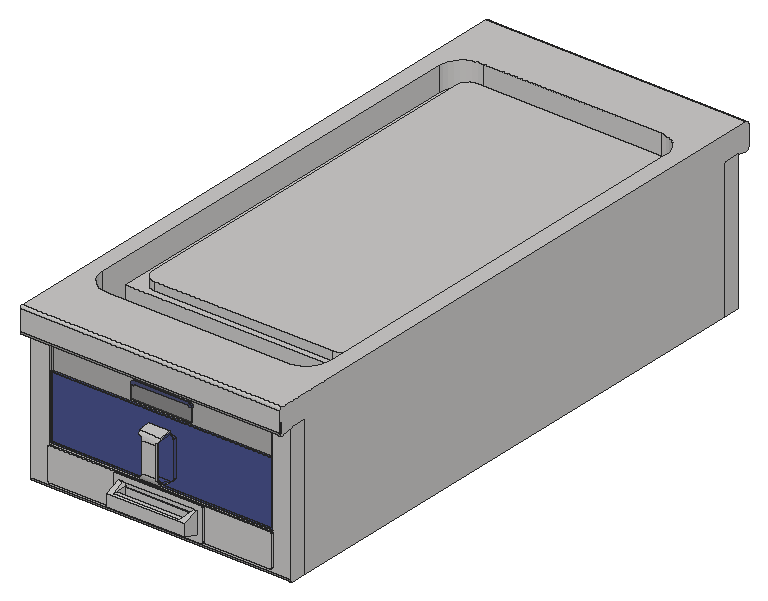
Revit family "QF_ELECTROLUXPROFESSIONAL_589088_MCHMAADOAO", category Specialty Equipment, Revit 2018
Family settings
  Round Connector Dimension = Use Diameter
  Part Type = Normal
  Work Plane-Based = No
  Always vertical = Yes
  Cut with Voids When Loaded = No
  Shared = No
  Room Calculation Point = No
Parameters
  Weight in Pounds = 152.1
  Watts = 5100 VA  # 5100 W
  Volts = 400 V  # constant formula
  URL Cutsheet = ""
  Type Mark [instance] = ""
  Status [instance] = ""
  Specification by User [instance] = ""
  Specification by Manufacturer = ""
  Show Clearance [instance] = yes
  Serial Number = ""
  Seismic Rating = ""
  SMACNA No = ""
  Revision Code [instance] = ""
  Phase = 3  # constant formula
  Omniclass Number and Title = ""
  Number of Poles [instance] = 1
  NAFEM Spec ID Number = ""
  Model = "589088"
  Min Ckt Ampacity = 0 A
  Max Overcurrent Protection = 0 A
  Masterspec = ""
  Manufacturer = "ELECTROLUX"
  Item Number [instance] = ""
  Installed By [instance] = ""
  Identify Quantity as Lot [instance] = yes
  HP = "6.8 HP"
  Furnished By [instance] = ""
  Foodservice Equipment Identifier [instance] = yes
  FL Amps [instance] = if(Phase = 3, Watts / (Volts * 1.73), Watts / Volts)  # 7.36994 A
  Electrical Remarks = "400 V/3N ph/50/60 Hz"  # constant formula
  Electric Connection Type [instance] = ""
  Elec Conn RI Height [instance] = 0 mm
  Elec Conn Connection Height [instance] = 0 mm
  Direct Waste Size = 0"
  Description = "EL.FRYTOP,SMOOTH PL,1-SIDE,400X900X250H"
  Cycle [instance] = if([60 Hertz Option], 60 Hz, 50 Hz)  # 60 Hz
  Conn Plug = ""
  Conn Conduit = yes
  CSI MasterFormat = ""
  CSI Master Format = ""
  Back Panel [instance] = yes
  Apparent Power [instance] = if(Phase = 3, Volts * FL Amps * 1.73, Volts * FL Amps)  # 5100 VA
  60 Hertz Option [instance] = not([50 Hertz Option])  # yes
  50 Hertz Option [instance] = no
Reference planes
  plane 1 "BACK": y = 0
  plane 2: z = 0
  plane 3 "LEFT": x = 0
  plane 4 "RIGHT": x = 400
  plane 5 "FRONT": y = -900
  plane 6 "TOP": z = 250
  plane 7: x = 200
  plane 8: y = -450
  plane 9: y = -1330
Forms (mm)
  Extrusion 1, solid, material "QF_Finishes_Stainless Steel"
    sketch origin (0, -487.128, 0) x (0, 1, 0) y (0, 0, 1)
      loop
        line (483.128, 250) -> (-408.872, 250)
        arc (-408.872, 250) -> (-411.7, 248.828) -> (-412.872, 246) r 4
        line (-412.872, 246) -> (-412.872, 214)
        arc (-412.872, 214) -> (-411.443, 210.936) -> (-408.177, 210.061) r 4
        line (-408.177, 210.061) -> (-391.509, 213) -> (-366.872, 213) -> (-366.872, 0) -> (441.128, 0) -> (441.128, 213) -> (465.765, 213) -> (482.433, 210.061)
        arc (482.433, 210.061) -> (485.699, 210.936) -> (487.128, 214) r 4
        line (487.128, 214) -> (487.128, 246)
        arc (487.128, 246) -> (485.956, 248.828) -> (483.128, 250) r 4
    from 0 to 400
  Extrusion 2, solid, material "QF_Finishes_Stainless Steel", visible <- "Back Panel"
    sketch origin (0, 0, 0) x (0, 1, 0) y (0, 0, 1)
      loop
        line (-46, 0) -> (-20, 0) -> (-20, 213) -> (-46, 213) -> (-46, 0)
    from 0 to 400
  Extrusion 3, void
    sketch origin (653.786, 44.048, 250) x (1, 0, 0) y (0, -1, 0)
      loop
        line (-590.636, 133.048) -> (-316.936, 133.048)
        arc (-316.936, 133.048) -> (-289.96, 144.222) -> (-278.786, 171.198) r 38.15
        line (-278.786, 171.198) -> (-278.786, 816.572)
        arc (-278.786, 816.572) -> (-290.056, 843.779) -> (-317.263, 855.048) r 38.476
        line (-317.263, 855.048) -> (-591.786, 855.048)
        arc (-591.786, 855.048) -> (-617.949, 844.211) -> (-628.786, 818.048) r 37
        line (-628.786, 818.048) -> (-628.786, 171.198)
        arc (-628.786, 171.198) -> (-617.613, 144.222) -> (-590.636, 133.048) r 38.15
    from 0 to 37
  Extrusion 4, void
    sketch origin (1307.573, 92.096, 213) x (0, 1, 0) y (1, 0, 0)
      loop
        line (-821.846, -932.573) -> (-864.62, -932.573)
        arc (-864.62, -932.573) -> (-891.827, -943.842) -> (-903.096, -971.049) r 38.476
        line (-903.096, -971.049) -> (-903.096, -1245.573)
        arc (-903.096, -1245.573) -> (-892.259, -1271.736) -> (-866.096, -1282.573) r 37
        line (-866.096, -1282.573) -> (-821.846, -1282.573) -> (-821.846, -932.573)
    from 0 to 25.6
  Extrusion 5, void
    sketch origin (1307.573, 92.096, 187.4) x (-1, 0, 0) y (0, 1, 0)
      loop
        circle (1212.573, -862.096) r 22.248
    from 0 to 92
  Extrusion 6, solid, material "QF_Finishes_Stainless Steel"
    sketch origin (0, -854, 0) x (1, 0, 0) y (0, -1, 0)
      loop
        circle (355, -169) r 6.35
    from 0 to 3.2
  Extrusion 7, solid, material "QF_Door-Drawer Clearances", visible <- "Show Clearance", detail levels coarse
    sketch origin (237.31, -881.593, 8.62) x (0, 0, 1) y (-1, 0, 0)
      loop
        line (1.973, -134.295) -> (49.317, -134.295)
        arc (49.317, -134.295) -> (50.776, -133.691) -> (51.38, -132.232) r 2.063
        line (51.38, -132.232) -> (51.38, 206.852)
        arc (51.38, 206.852) -> (50.88, 208.549) -> (49.541, 209.705) r 3.133
        line (49.541, 209.705) -> (3.067, 209.705)
        arc (3.067, 209.705) -> (0.898, 208.807) -> (0, 206.638) r 3.067
        line (0, 206.638) -> (0, -132.322)
        arc (0, -132.322) -> (0.578, -133.717) -> (1.973, -134.295) r 1.973
    from 0 to 448.407
  Extrusion 8, solid, material "QF_Finishes_Stainless Steel"
    sketch origin (653.786, 44.048, 213) x (1, 0, 0) y (0, 1, 0)
      loop
        line (-608.786, -161.361) -> (-608.786, -745.485)
        arc (-608.786, -745.485) -> (-603.47, -758.319) -> (-590.636, -763.635) r 18.15
        line (-590.636, -763.635) -> (-316.936, -763.635)
        arc (-316.936, -763.635) -> (-304.102, -758.319) -> (-298.786, -745.485) r 18.15
        line (-298.786, -745.485) -> (-298.786, -161.361)
        arc (-298.786, -161.361) -> (-304.102, -148.527) -> (-316.936, -143.211) r 18.15
        line (-316.936, -143.211) -> (-590.636, -143.211)
        arc (-590.636, -143.211) -> (-603.47, -148.527) -> (-608.786, -161.361) r 18.15
    from 0 to 13.3
Cuts and joins
  Extrusion 3, Extrusion 4, Extrusion 5 cuts Extrusion 1
Lines and regions (mm)
  symbolic lines
    curve 1: line (183.666, -902.326, 0) -> (183.666, -900, 0)
    curve 2: spline (189.334, -903.73, 0) -> (188.856, -903.657, 0) -> (188.378, -903.575, 0) -> (187.901, -903.486, 0) -> (187.425, -903.389, 0) -> (186.95, -903.283, 0) -> (186.476, -903.17, 0) -> (186.004, -903.049, 0) -> (185.533, -902.92, 0) -> (185.064, -902.783, 0) -> (184.596, -902.638, 0) -> (184.13, -902.486, 0) -> (183.666, -902.326, 0)
    curve 3: line (215.881, -902.326, 0) -> (215.881, -900, 0)
    curve 4: spline (215.881, -902.326, 0) -> (215.417, -902.486, 0) -> (214.951, -902.638, 0) -> (214.483, -902.783, 0) -> (214.014, -902.92, 0) -> (213.543, -903.049, 0) -> (213.071, -903.17, 0) -> (212.597, -903.283, 0) -> (212.122, -903.389, 0) -> (211.646, -903.486, 0) -> (211.169, -903.575, 0) -> (210.691, -903.657, 0) -> (210.213, -903.73, 0)
    curve 5: line (189.334, -903.73, 0) -> (210.213, -903.73, 0)
    curve 6: line (25, -774, 0) -> (25, -127.15, 0)
    curve 7: arc (25, -127.15, 0) -> (36.174, -100.174, 0) -> (63.15, -89, 0) r 38.15
    curve 8: line (63.15, -89, 0) -> (336.85, -89, 0)
    curve 9: arc (336.85, -89, 0) -> (363.826, -100.174, 0) -> (375, -127.15, 0) r 38.15
    curve 10: line (375, -127.15, 0) -> (375, -772.524, 0)
    curve 11: arc (375, -772.524, 0) -> (363.731, -799.731, 0) -> (336.524, -811, 0) r 38.476
    curve 12: line (336.524, -811, 0) -> (62, -811, 0)
    curve 13: arc (62, -811, 0) -> (35.837, -800.163, 0) -> (25, -774, 0) r 37
    curve 14: line (375, -729.75, 0) -> (25, -729.75, 0)
    curve 15: circle (95, -770, 0) r 22.248 normal (0, 0, -1)
    curve 16: line (0, 0, 0) -> (400, 0, 0)
    curve 17: line (0, -900, 0) -> (0, 0, 0)
    curve 18: line (400, -900, 0) -> (0, -900, 0)
    curve 19: line (400, 0, 0) -> (400, -900, 0)
    curve 20: line (147.608, -908.767, 0) -> (250.042, -908.767, 0)
    curve 21: line (250.042, -908.767, 0) -> (251.588, -900, 0)
    curve 22: line (147.608, -908.767, 0) -> (146.062, -900, 0)
  symbolic lines, style "QF_Door-Drawer Clearances"
    curve 23: line (27.605, -1330, 0) -> (27.605, -900, 0)
    curve 24: line (27.605, -1330, 0) -> (371.605, -1330, 0)
    curve 25: line (371.605, -1330, 0) -> (371.605, -900, 0)
  symbolic lines, style "SpecialityEquipment"
    curve 26: line (355, -701.437, 0) -> (355, -117.313, 0)
    curve 27: arc (355, -117.313, 0) -> (349.684, -104.479, 0) -> (336.85, -99.163, 0) r 18.15
    curve 28: line (336.85, -99.163, 0) -> (63.15, -99.163, 0)
    curve 29: arc (63.15, -99.163, 0) -> (50.316, -104.479, 0) -> (45, -117.313, 0) r 18.15
    curve 30: line (45, -117.313, 0) -> (45, -701.437, 0)
    curve 31: arc (45, -701.437, 0) -> (50.316, -714.271, 0) -> (63.15, -719.587, 0) r 18.15
    curve 32: line (63.15, -719.587, 0) -> (336.85, -719.587, 0)
    curve 33: arc (336.85, -719.587, 0) -> (349.684, -714.271, 0) -> (355, -701.437, 0) r 18.15
Dimensions and locks
  plane 3 "LEFT" to plane 4 "RIGHT" = 400 mm
  plane 5 "FRONT" to plane 1 "BACK" = 900 mm
  equal spacing: plane 3 "LEFT", plane 7, plane 4 "RIGHT"
  equal spacing: plane 5 "FRONT", plane 8, plane 1 "BACK"
  plane 6 "TOP" to level = 250 mm  (x2)
  plane 1 "BACK" to plane 5 "FRONT" = 900 mm
  Extrusion 6 sketch curve to plane 1 "BACK" = 685 mm
  Extrusion 6 sketch curve to plane 4 "RIGHT" = 45 mm
  plane 5 "FRONT" to plane 9 = 430 mm
  radius of Extrusion 8 sketch curve = 18.15 mm  (x4)
  aligned and locked: level to plane 2
  aligned and locked: plane 7 to nested 1
  aligned and locked: Extrusion 7 to plane 9
Automatic sketch dimensions
  Extrusion 2 sketch curve to Extrusion 2 sketch curve = 26 mm
  plane 1 "BACK" to Extrusion 2 sketch curve = 20 mm
  Extrusion 1 to Extrusion 3 sketch curve = 85 mm  (x2)
  Extrusion 1 to Extrusion 3 sketch curve = 122 mm
  Extrusion 1 to Extrusion 3 sketch curve = 25 mm
  Extrusion 3 sketch curve to Extrusion 3 sketch curve = 38.15 mm  (x2)
  Extrusion 1 to Extrusion 3 sketch curve = 123.476 mm
  Extrusion 3 sketch curve to Extrusion 3 sketch curve = 274.524 mm
  Extrusion 1 sketch curve to plane 5 "FRONT" = 0 mm
  Extrusion 1 sketch curve to plane 6 "TOP" = 0 mm
  Extrusion 1 sketch curve to level = 0 mm
  Extrusion 1 sketch curve to plane 1 "BACK" = 0 mm
  Extrusion 1 sketch curve to plane 6 "TOP" = 37 mm  (x2)
  Extrusion 1 sketch curve to plane 5 "FRONT" = 4 mm
  Extrusion 1 sketch curve to plane 5 "FRONT" = 21.363 mm
  Extrusion 1 sketch curve to plane 5 "FRONT" = 46 mm
  plane 1 "BACK" to Extrusion 1 sketch curve = 21.363 mm
  plane 1 "BACK" to Extrusion 1 sketch curve = 4 mm  (x2)
  Extrusion 1 sketch curve to Extrusion 1 sketch curve = 4 mm
  Extrusion 1 sketch curve to Extrusion 1 sketch curve = 0.695 mm
  Extrusion 1 sketch curve to Extrusion 1 sketch curve = 0 mm  (x4)
  plane 1 "BACK" to Extrusion 1 sketch curve = 4.695 mm
  Extrusion 1 sketch curve to Extrusion 1 sketch curve = 1 mm  (x2)
  plane 1 "BACK" to Extrusion 1 sketch curve = 46 mm
  Extrusion 4 sketch curve to Extrusion 3 = 81.25 mm
  Extrusion 3 to Extrusion 4 sketch curve = 0 mm  (x2)
  Extrusion 4 sketch curve to Extrusion 4 sketch curve = 37 mm
  Extrusion 4 sketch curve to Extrusion 4 sketch curve = 274.524 mm
  Extrusion 4 sketch curve to Extrusion 3 = 38.476 mm
  Extrusion 5 sketch curve to Extrusion 4 = 41 mm
  Extrusion 5 sketch curve to Extrusion 4 = 70 mm
  Extrusion 7 sketch curve to nested 1 = 1.973 mm
  Extrusion 7 sketch curve to nested 1 = 2.853 mm
  Extrusion 7 sketch curve to nested 1 = 1.839 mm
  plane 1 "BACK" to curve 16 = 0 mm
  curve 16 to plane 4 "RIGHT" = 0 mm
  curve 23 to plane 9 = 0 mm
  curve 17 to plane 3 "LEFT" = 0 mm
  plane 5 "FRONT" to curve 25 = 0 mm
  plane 4 "RIGHT" to curve 10 = 25 mm
  curve 10 to curve 8 = 38.15 mm
  curve 11 to curve 12 = 38.476 mm
  plane 5 "FRONT" to curve 21 = 8.767 mm
  plane 5 "FRONT" to curve 3 = 2.326 mm
  plane 7 to curve 3 = 15.881 mm
  plane 5 "FRONT" to curve 5 = 3.73 mm
  curve 3 to curve 5 = 5.669 mm
  curve 5 to curve 22 = 62.605 mm
  curve 5 to curve 20 = 41.727 mm
  plane 5 "FRONT" to curve 1 = 2.326 mm
  curve 2 to curve 1 = 5.669 mm
  plane 3 "LEFT" to curve 8 = 63.15 mm
  plane 3 "LEFT" to curve 12 = 62 mm
  plane 3 "LEFT" to curve 23 = 27.605 mm
  plane 3 "LEFT" to curve 6 = 25 mm
  plane 4 "RIGHT" to curve 25 = 28.395 mm
  plane 5 "FRONT" to curve 4 = 4.032 mm
  curve 5 to curve 4 = 4.17 mm
  curve 4 to curve 22 = 59.98 mm
  curve 4 to curve 2 = 12.538 mm
  curve 15 to curve 13 = 33 mm
  plane 1 "BACK" to curve 8 = 89 mm
  curve 10 to plane 5 "FRONT" = 127.476 mm
  curve 14 to curve 13 = 44.25 mm
  curve 15 to curve 13 = 4 mm
  curve 2 to curve 4 = 0 mm
  Extrusion 8 sketch curve to Extrusion 3 = 20 mm
  Extrusion 8 sketch curve to Extrusion 3 = 91.413 mm
  Extrusion 8 sketch curve to Extrusion 3 = 38.15 mm
  Extrusion 8 sketch curve to Extrusion 3 = 28.313 mm
  Extrusion 8 sketch curve to Extrusion 8 sketch curve = 0 mm
  plane 4 "RIGHT" to curve 26 = 45 mm
  plane 3 "LEFT" to curve 28 = 63.15 mm
  plane 1 "BACK" to curve 28 = 99.163 mm
  curve 28 to curve 8 = 0 mm
  curve 33 to curve 32 = 18.15 mm
  curve 32 to curve 14 = 38.15 mm
  curve 29 to curve 30 = 18.15 mm
  curve 30 to curve 14 = 28.313 mm
  plane 7 to curve 21 = 50.042 mm
  curve 21 to curve 20 = 1.546 mm
  Extrusion 2 sketch curve to level = 0 mm
  Extrusion 2 sketch curve to plane 6 "TOP" = 37 mm
  radius of Extrusion 5 sketch curve = 22.248 mm
  radius of Extrusion 6 sketch curve = 6.35 mm
  radius of Extrusion 7 sketch curve to nested 1 = 0 mm  (x2)
  radius of curve 15 = 22.248 mm
Nested families
  nested 1: "EG_900_400 Front Panel with Center Grease Trap" at (202.376, -854, -650), type "EG_900_400 Front Panel with Center Grease Trap"
Connectors
  electrical at (355, -685, -3.2), driven by "Volts", driven by "Watts"
    settings: on Extrusion 6, index 1, voltage 400 V, apparent load 5100 VA, apparent load phase1 0 VA, apparent load phase2 0 VA, apparent load phase3 0 VA, power factor 1, load classification "Other", number of poles 1, system type 30, power factor state 1, is connector primary yes, connector utility no, sub classification motor no, connector description "ELECTRICAL CONNECTION"
Definition of nested family "EG_900_400 Front Panel with Center Grease Trap"
  Reference planes
    plane 1 "Center (Front/Back)": y = 0
    plane 2: z = 0
    plane 3 "Center (Left/Right)": x = -2.376
    plane 4: x = -202.376
    plane 5: x = 197.624
  Forms (mm)
    Extrusion 1, solid
      sketch origin (833.217, 829.203, -1.25) x (0, 1, 0) y (0, 0, 1)
        loop
          arc (-854.203, 654.25) -> (-853.324, 652.129) -> (-851.203, 651.25) r 3
          line (-851.203, 651.25) -> (-829.203, 651.25) -> (-829.203, 864.25) -> (-854.203, 864.25) -> (-854.203, 654.25)
      from -1035.593 to -635.593
    Extrusion 2, void
      sketch origin (33.217, 829.203, -1.25) x (1, 0, 0) y (0, 0, 1)
        loop
          line (-207.593, 855.116) -> (-207.593, 713.116) -> (136.407, 713.116) -> (136.407, 855.116) -> (-207.593, 855.116)
      from 848.59 to 854.203
  Cuts and joins
    Extrusion 2 cuts Extrusion 1
  Dimensions and locks
    equal spacing: plane 5, plane 3 "Center (Left/Right)", plane 4
    plane 5 to plane 4 = 400 mm
    aligned and locked: cut or joined group of Extrusion 1, Extrusion 2 to plane 4
    aligned and locked: plane 5 to cut or joined group of Extrusion 1, Extrusion 2
    aligned and locked: plane 3 "Center (Left/Right)" to nested 2
    aligned and locked: cut or joined group of Extrusion 1, Extrusion 2 to nested 2
    aligned and locked: plane 3 "Center (Left/Right)" to nested 1
    aligned and locked: plane 3 "Center (Left/Right)" to nested 3
  Automatic sketch dimensions
    Extrusion 1 sketch curve to plane 1 "Center (Front/Back)" = 0 mm
    plane 1 "Center (Front/Back)" to Extrusion 1 sketch curve = 22 mm
    Extrusion 1 sketch curve to Extrusion 1 sketch curve = 3 mm
    level to Extrusion 1 sketch curve = 650 mm
    Extrusion 1 sketch curve to Extrusion 1 sketch curve = 210 mm
    plane 4 to Extrusion 2 sketch curve = 28 mm
    Extrusion 2 sketch curve to plane 5 = 28 mm
    level to Extrusion 2 sketch curve = 711.866 mm
    Extrusion 2 sketch curve to Extrusion 2 sketch curve = 142 mm
  Nested families
    nested 1: "Range Control Handle" at (-2.376, -28.137, -209.113) x (-1, 0, 0) z (0, 0, 1), type "Range Control Handle"
    nested 2: "glass conrol panel" at (-2.376, 280.644, 2.752), type "glass conrol panel"
    nested 3: "grease trap door" at (65.223, -25, 0.608) x (-1, 0, 0) z (0, 0, 1), type "grease trap door"
  Definition of nested family "Range Control Handle"
    Reference planes
      plane 1 "Center (Front/Back)": y = 0
      plane 2: z = 0
      plane 3 "Center (Left/Right)": x = 0
      plane 4: z = 971.092
    Forms (mm)
      Extrusion 1, solid
        sketch origin (-746.28, 380.497, 208.931) x (-1, 0, 0) y (0, 0, 1)
          loop
            line (-770.101, 786.798) -> (-770.101, 731.649)
            arc (-770.101, 731.649) -> (-769.759, 730.563) -> (-768.855, 729.87) r 1.893
            line (-768.855, 729.87) -> (-763.474, 727.911) -> (-729.81, 727.911) -> (-724.428, 729.87)
            arc (-724.428, 729.87) -> (-723.525, 730.563) -> (-723.183, 731.649) r 1.893
            line (-723.183, 731.649) -> (-723.183, 786.798)
            arc (-723.183, 786.798) -> (-723.529, 787.894) -> (-724.44, 788.593) r 1.91
            line (-724.44, 788.593) -> (-729.683, 790.819) -> (-763.601, 790.819) -> (-768.844, 788.593)
            arc (-768.844, 788.593) -> (-769.755, 787.894) -> (-770.101, 786.798) r 1.91
        from -382.35 to -378.852
      Sweep 2, solid
        path origin (-746.788, 380.496, 208.091) x (0, -1, 0) y (0, 0, 1)
          loop
            line (379.775, 793.281) -> (395.661, 791.048)
            arc (395.661, 791.048) -> (397.781, 787.377) -> (398.517, 783.202) r 12.207
            line (398.517, 783.202) -> (398.517, 737.368)
            arc (398.517, 737.368) -> (397.781, 733.193) -> (395.661, 729.522) r 12.207
            line (395.661, 729.522) -> (379.775, 727.289)
        profile origin (-746.788, -7.222, 1000.256) x (0, -0.139173, 0.990268) y (-1, 0, 0)
          loop
            line (0.782, -763.123) -> (0.782, -730.907) -> (-1.322, -730.907) -> (-1.322, -763.123) -> (0.782, -763.123)
      Sweep 3, solid
        path origin (-746.788, 380.715, 207.832) x (0, -1, 0) y (0, 0, 1)
          loop
            line (380.478, 795.442) -> (397.218, 793.09)
            arc (397.218, 793.09) -> (399.929, 788.473) -> (400.871, 783.202) r 15.207
            line (400.871, 783.202) -> (400.871, 737.584)
            arc (400.871, 737.584) -> (399.914, 732.274) -> (397.164, 727.633) r 15.207
            line (397.164, 727.633) -> (380.601, 725.305)
        profile origin (-746.788, -8.132, 1002.099) x (0, -0.139173, 0.990268) y (-1, 0, 0)
          loop
            line (0.782, -763.123) -> (0.782, -730.907) -> (-1.322, -730.907) -> (-1.322, -763.123) -> (0.782, -763.123)
      Extrusion 4, void
        sketch origin (889.253, 220.666, 207.993) x (1, 0, 0) y (0, 0, 1)
          loop
            line (-943.038, 816.854) -> (-943.038, 703.686) -> (-899.466, 734.196) -> (-899.466, 786.344) -> (-943.038, 816.854)
        from 230.636 to 242.25
      Extrusion 5, void
        sketch origin (-888.8, 220.666, 207.993) x (-1, 0, 0) y (0, 0, -1)
          loop
            line (-943.038, -816.854) -> (-899.466, -786.344) -> (-899.466, -734.196) -> (-943.038, -703.686) -> (-943.038, -816.854)
        from 230.636 to 242.25
      Extrusion 6, solid
        sketch origin (0, 0, 0) x (1, 0, 0) y (0, 0, 1)
          loop
            circle (0, 971.092) r 7.736
        from -3.137 to -1.645
    Cuts and joins
      Extrusion 4, Extrusion 5 cuts Sweep 3
      Extrusion 4, Extrusion 5 cuts Sweep 2
      joined: Extrusion 1, Extrusion 6
    Lines and regions (mm)
      symbolic lines
        curve 1: line (23.821, 1.645, 0) -> (-23.097, 1.645, 0)
        curve 2: line (16.334, -1.853, 0) -> (23.821, -1.853, 0)
        curve 3: line (-15.881, -19.189, 0) -> (-15.881, -1.853, 0)
        curve 4: line (-23.097, -1.853, 0) -> (-15.881, -1.853, 0)
        curve 5: line (16.334, -19.189, 0) -> (16.334, -1.853, 0)
        curve 6: spline (-15.881, -19.189, 0) -> (-15.417, -19.349, 0) -> (-14.951, -19.501, 0) -> (-14.483, -19.646, 0) -> (-14.014, -19.783, 0) -> (-13.543, -19.912, 0) -> (-13.071, -20.033, 0) -> (-12.597, -20.146, 0) -> (-12.122, -20.251, 0) -> (-11.646, -20.349, 0) -> (-11.169, -20.438, 0) -> (-10.691, -20.52, 0) -> (-10.213, -20.593, 0)
        curve 7: spline (10.666, -20.593, 0) -> (11.144, -20.52, 0) -> (11.622, -20.438, 0) -> (12.099, -20.349, 0) -> (12.575, -20.251, 0) -> (13.05, -20.146, 0) -> (13.524, -20.033, 0) -> (13.996, -19.912, 0) -> (14.467, -19.783, 0) -> (14.936, -19.646, 0) -> (15.404, -19.501, 0) -> (15.87, -19.349, 0) -> (16.334, -19.189, 0)
        curve 8: line (-10.213, -20.938, 0) -> (10.716, -20.938, 0)
        curve 9: line (-23.097, 1.645, 0) -> (-23.097, -1.853, 0)
        curve 10: line (23.821, 1.645, 0) -> (23.821, -1.853, 0)
  Definition of nested family "glass conrol panel"
    Reference planes
      plane 1 "Center (Front/Back)": y = 0
      plane 2: z = 0
      plane 3 "Center (Left/Right)": x = 0
    Forms (mm)
      Extrusion 1, solid
        sketch origin (378.286, 0, 0.617) x (1, 0, 0) y (0, 0, 1)
          loop
            line (-550.286, 806.791) -> (-550.286, 708.497) -> (-206.286, 708.497) -> (-206.286, 806.791) -> (-550.286, 806.791)
        from 300.031 to 304.8
      Extrusion 2, solid
        sketch origin (378.286, 0, 0.617) x (1, 0, 0) y (0, 0, 1)
          loop
            line (-550.286, 850.497) -> (-550.286, 806.791) -> (-206.286, 806.791) -> (-206.286, 850.497) -> (-550.286, 850.497)
        from 300.031 to 304.8
      Extrusion 3, void
        sketch origin (378.286, 0, 0.617) x (1, 0, 0) y (0, 0, 1)
          loop
            line (-547.628, 847.565) -> (-547.628, 710.699) -> (-209.196, 710.699) -> (-209.196, 847.565) -> (-547.628, 847.565)
        from 303.697 to 304.8
      Extrusion 4, solid
        sketch origin (-308.309, 1.101, -0.633) x (-1, 0, 0) y (0, 0, -1)
          loop
            line (-261.431, -812.62) -> (-355.186, -812.62) -> (-355.186, -834.177) -> (-350.269, -834.177) -> (-348.469, -835.977) -> (-268.039, -835.977) -> (-266.24, -834.177) -> (-261.431, -834.177) -> (-261.431, -812.62)
        from 304.798 to 306.745
      Extrusion 5, solid
        sketch origin (-308.309, 1.101, -0.633) x (-1, 0, 0) y (0, 0, -1)
          loop
            line (-350.269, -834.177) -> (-355.078, -834.177)
            arc (-355.078, -834.177) -> (-353.942, -838.747) -> (-349.686, -840.763) r 5.5
            line (-349.686, -840.763) -> (-266.98, -840.763)
            arc (-266.98, -840.763) -> (-262.706, -838.752) -> (-261.529, -834.177) r 5.549
            line (-261.529, -834.177) -> (-266.24, -834.177) -> (-268.039, -835.977) -> (-348.469, -835.977) -> (-350.269, -834.177)
        from 304.798 to 306.745
    Cuts and joins
      Extrusion 3 cuts Extrusion 1
      Extrusion 3 cuts Extrusion 2
    Dimensions and locks
      aligned and locked: Extrusion 1 to Extrusion 2
      aligned and locked: Extrusion 5 sketch curve to Extrusion 4  (x5)
      aligned and locked: Extrusion 5 to Extrusion 4
  Definition of nested family "grease trap door"
    Reference planes
      plane 1 "Center (Front/Back)": y = 0
      plane 2: z = 0
      plane 3 "Center (Left/Right)": x = 0
    Forms (mm)
      Extrusion 1, solid
        sketch origin (1627.55, 854.203, -1.25) x (1, 0, 0) y (0, 0, 1)
          loop
            arc (-1627.55, 661.235) -> (-1626.972, 659.84) -> (-1625.577, 659.262) r 1.973
            line (-1625.577, 659.262) -> (-1494.325, 659.262)
            arc (-1494.325, 659.262) -> (-1492.156, 660.16) -> (-1491.258, 662.329) r 3.067
            line (-1491.258, 662.329) -> (-1491.258, 708.803)
            arc (-1491.258, 708.803) -> (-1492.414, 710.143) -> (-1494.111, 710.642) r 3.133
            line (-1494.111, 710.642) -> (-1625.486, 710.642)
            arc (-1625.486, 710.642) -> (-1626.945, 710.038) -> (-1627.55, 708.579) r 2.063
            line (-1627.55, 708.579) -> (-1627.55, 661.235)
        from 856.795 to 859.203
      Extrusion 2, solid
        sketch origin (445.874, 2476.61, 0) x (0, 1, 0) y (0, 0, 1)
          loop
            line (-2506.377, 675.273) -> (-2481.61, 667.505) -> (-2481.61, 700.995) -> (-2506.377, 693.227) -> (-2506.377, 675.273)
        from -437.68 to -317.68
      Extrusion 3, void
        sketch origin (1627.55, 854.203, -1.25) x (1, 0, 0) y (0, 0, 1)
          loop
            line (-1614.883, 703) -> (-1610.542, 695.433) -> (-1508.17, 695.433) -> (-1503.828, 703) -> (-1614.883, 703)
          loop
            line (-1614.883, 668) -> (-1502.669, 668) -> (-1507.01, 675.567) -> (-1610.542, 675.567) -> (-1614.883, 668)
        from 832.916 to 883.97
      Extrusion 4, void
        sketch origin (447.55, 854.203, -1.25) x (1, 0, 0) y (0, 0, 1)
          loop
            line (-430.542, 695.433) -> (-430.542, 675.567) -> (-328.17, 675.567) -> (-328.17, 695.433) -> (-430.542, 695.433)
        from 859.203 to 874.202
      Extrusion 5, solid
        sketch origin (1627.55, 854.203, -1.25) x (1, 0, 0) y (0, 0, 1)
          loop
            arc (-1731.556, 661.235) -> (-1730.978, 659.84) -> (-1729.583, 659.262) r 1.973
            line (-1729.583, 659.262) -> (-1390.623, 659.262)
            arc (-1390.623, 659.262) -> (-1388.454, 660.16) -> (-1387.556, 662.329) r 3.067
            line (-1387.556, 662.329) -> (-1387.556, 708.803)
            arc (-1387.556, 708.803) -> (-1388.712, 710.143) -> (-1390.409, 710.642) r 3.133
            line (-1390.409, 710.642) -> (-1729.493, 710.642)
            arc (-1729.493, 710.642) -> (-1730.952, 710.038) -> (-1731.556, 708.579) r 2.063
            line (-1731.556, 708.579) -> (-1731.556, 661.235)
        from 854.203 to 856.795
    Cuts and joins
      Extrusion 3 cuts Extrusion 1
      Extrusion 3, Extrusion 4 cuts Extrusion 2
      joined: Extrusion 1, Extrusion 2
    Lines and regions (mm)
      symbolic lines
        curve 1: line (0, -2.593, 0) -> (136.292, -2.593, 0)
        curve 2: line (17.557, -29.767, 0) -> (12.667, -2.593, 0)
        curve 3: line (17.557, -29.767, 0) -> (119.991, -29.767, 0)
        curve 4: line (119.991, -29.767, 0) -> (124.881, -2.593, 0)
        curve 5: line (68.146, -2.593, 0) -> (68.146, -29.767, 0)
      model lines
        curve 6: line (67.599, 0, 658.012) -> (67.599, 0, 709.392)
    Dimensions and locks
      aligned and locked: Extrusion 2 to Extrusion 1
      aligned and locked: Extrusion 3 to Extrusion 2
      aligned and locked: Extrusion 4 to Extrusion 1
